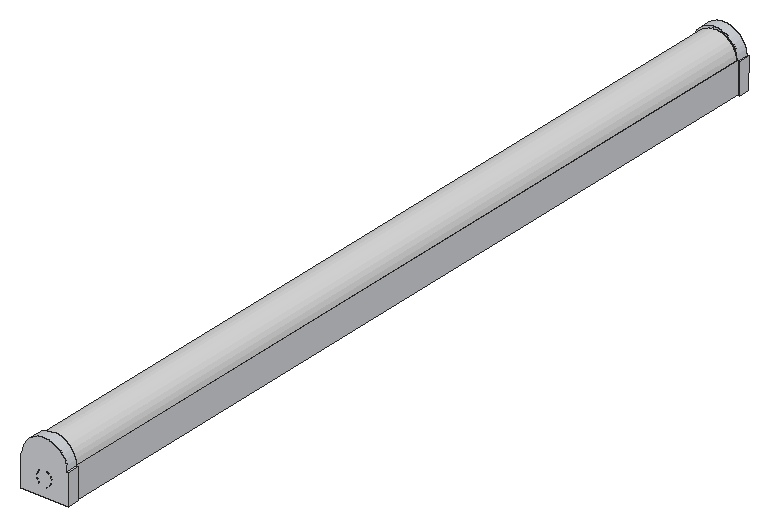
Revit family "0048929", category Lighting Fixtures, host Face, Revit 2017
Family settings
  Host = Face
  Round Connector Dimension = Use Diameter
  Part Type = Normal
  OmniClass Number = 23.80.70.00
  OmniClass Title = Lighting
  Cut with Voids When Loaded = No
  Light Source = Yes
  Shared = No
  Room Calculation Point = No
Parameters (values of type "0048929 WAYLINE 1200 5700LM 840 EM")
  Weight = "10.92 kg"
  Wattage Comments = ""
  Wattage = 44 W
  WarrantyStartDate [instance] = "n/a"
  WarrantyGuarantorParts = "n/a"
  WarrantyDurationUnit = "n/a"
  WarrantyDurationParts = "n/a"
  WarrantyDescription = "n/a"
  WIDTH/2_SYL = 35 mm
  built-in parameter 1150110 = 1 (stored number, unit not read)
  Voltage = 0 V
  URL = "http://www.sylvania-lighting.com"
  TypeName = "Wayline 1200 5700lm 840 EM"
  Type Image = <None>
  Type Comments = "n/a"
  built-in parameter 1114217 = 1 (stored number, unit not read)
  Tilt Angle = -90.00°
  built-in parameter 1150109 = 1 (stored number, unit not read)
  built-in parameter 1150134 = 12
  built-in parameter 1150113 = 1 (stored number, unit not read)
  SerialNumber [instance] = "n/a"
  R_HEIGHT_SYL = 44 mm
  Photometric Web File = "0048929.ies"
  Material_3_SYL = none
  PowerFactor = 0.9
  PowerConsumption = "44 W"
  NominalLength = 1220 mm
  NominalHeight = 76.5 mm
  NominalDepth = 70 mm
  Name = "Wayline 1200 5700lm 840 EM"
  ModelReference = Name  # "Wayline 1200 5700lm 840 EM"
  ModelNumber = "48929"
  Model = Name  # "Wayline 1200 5700lm 840 EM"
  Material = "steel housing, pc polycarbonate diffuser"
  ManufacturerName = "Feilo Sylvania"
  Manufacturer = "Feilo Sylvania"
  LuminousEfficacy = "130 lm/W"
  built-in parameter 1150105 = -8451586 (stored number, unit not read)
  Lumens = 5720 lm
  LuminaireType = ""
  built-in parameter 1150115 = 1 (stored number, unit not read)
  LightOutputRatio = "n/a"
  built-in parameter 1150137 = (empty or 0)
  built-in parameter 1150139 = (empty or 0)
  LampsType = Lamp  # "LED"
  LampNominalLuminous = "5700 lm"
  LampMacAdamStep = "5"
  LampColourTemperature = "4000 K"
  LampColourRenderingIndex = "80"
  built-in parameter 1150112 = 1 (stored number, unit not read)
  built-in parameter 1150114 = 1 (stored number, unit not read)
  Lamp = "LED"
  LUM_R_SYL = 30 mm
  Keynote = "16500"
  InstallationDate [instance] = "n/a"
  InputVoltage = "n/a"
  InputNominalFrequency = "n/a"
  built-in parameter 1150132 = (empty or 0)
  built-in parameter 1150102 = (empty or 0)
  built-in parameter 1150107 = 4000 (stored number, unit not read)
  built-in parameter 1150138 = (empty or 0)
  IngressProtection = "IP20"
  ImpactProtectionIndex = "IK08"
  built-in parameter 1150106 = -84515.9 (stored number, unit not read)
  IfcExportType = "IfcLightFixtureType"
  IfcExportAs = "IfcLightFixtureType"
  HOLE_HEIGHT_SYL = 24 mm
  HEIGHT_SYL = 76.5 mm
  GAP_SYL = 2.5 mm
  Emit from Circle Diameter = 609.6 mm
  Emit Shape Visible in Rendering = no
  ElectricShockClassification = "Class I"
  built-in parameter 1150104 = 12.077 (stored number, unit not read)
  DocumentationLiterature = "http://www.sylvania-lighting.com/product/en-int/products/0048929"
  DimmingControlOptions = "n/a"
  Material_2_SYL = none
  Dimming Lamp Color Temperature Shift = <None>
  Description = "LED batten, T8 replacement, ease of installation through 2 part push-in design of the housing (safety cable included), through wiring capability, steel housing, 5700lm, 44W, 130lm/W, 4000K, CRI80, 3 step MacAdam ellipse, symmetric wide beam angle, Class I, 90000 hrs L80B20 lifespan, non-dimmable driver, 3-hour maintained emergency batteries, IK08, IP20, 1220 x  70 x 76.5mm  (L x W x H) dimensions, 1.82kg."
  Default Elevation = 1219.2 mm
  CreatedOn = "5/25/2021"
  CreatedBy = "@sylvania-lighting.com"
  Cost = 0
  Color Filter = 16777215
  built-in parameter 1114216 [instance] = (empty or 0)
  ClassificationValue = "EF_70_80"
  ClassificationName = "Uniclass2015"
  Material_1_SYL = Dynamo
  BarCode [instance] = "n/a"
  built-in parameter 1114218 = 1 (stored number, unit not read)
  built-in parameter 1150133 = 10 (stored number, unit not read)
  AssetType = "Fixed"
  AssetIdentifier [instance] = "n/a"
  Assembly Code = "D5020200"
  Apparent Load = 44 VA
  Material_4_SYL = none
Types (8, lengths in mm): name | Weight | Wattage | TypeName | Photometric Web File | PowerConsumption | Name | ModelReference | ModelNumber | Model | LuminousEfficacy | built-in parameter 1150105 | Lumens | LampNominalLuminous | built-in parameter 1150106 | built-in parameter 1150104 | DocumentationLiterature | Description | Apparent Load
  0048940 WAYLINE 1200 MWCOR 3100LM 840 | "10.38 kg" | 24 W | "Wayline 1200 MWCOR 3100lm 840" | "0048940.ies" | "24 W" | "Wayline 1200 MWCOR 3100lm 840" | "Wayline 1200 MWCOR 3100lm 840" | "48940" | "Wayline 1200 MWCOR 3100lm 840" | "129 lm/W" | -2487883.7 (stored number, unit not read) | 3096 lm | "3100 lm" | -24878.8 (stored number, unit not read) | 11.984 (stored number, unit not read) | "http://www.sylvania-lighting.com/product/en-int/products/0048940" | "LED batten, T8 replacement, ease of installation through 2 part push-in design of the housing (safety cable included), through wiring capability, steel housing, 3100lm, 24W, 129lm/W, 4000K, CRI80, 3 step MacAdam ellipse, symmetric wide beam angle, Class I, 90000 hrs L80B20 lifespan, non-dimmable driver, corridor function with microwave presence sensor, IK08, IP20, 1220 x 70 x 76.5mm  (L x W x H) dimensions, 1.73kg." | 24 VA
  0048933 WAYLINE 1200 MW 5700LM 840 | "8.82 kg" | 41 W | "Wayline 1200 MW 5700lm 840" | "0048933.ies" | "41 W" | "Wayline 1200 MW 5700lm 840" | "Wayline 1200 MW 5700lm 840" | "48933" | "Wayline 1200 MW 5700lm 840" | "139 lm/W" | -8420557.4 (stored number, unit not read) | 5699 lm | "5700 lm" | -84205.6 (stored number, unit not read) | 12.914 (stored number, unit not read) | "http://www.sylvania-lighting.com/product/en-int/products/0048933" | "LED batten, T8 replacement, ease of installation through 2 part push-in design of the housing (safety cable included), through wiring capability, steel housing, 5700lm, 41W, 139lm/W, 4000K, CRI80, 3 step MacAdam ellipse, symmetric wide beam angle, Class I, 90000 hrs L80B20 lifespan, non-dimmable driver, MW sensor for 360° detection up to 8m range at 6m mounting height, IK08, IP20, 1220 x 70 x 76.5mm (LxWxD) dimensions, 1.47kg weight." | 41 VA
  0048932 WAYLINE 1200 MW 3200LM 840 | "8.64 kg" | 24 W | "Wayline 1200 MW 3200lm 840" | "0048932.ies" | "24 W" | "Wayline 1200 MW 3200lm 840" | "Wayline 1200 MW 3200lm 840" | "48932" | "Wayline 1200 MW 3200lm 840" | "133 lm/W" | -2647764 (stored number, unit not read) | 3192 lm | "3200 lm" | -26477.6 (stored number, unit not read) | 12.356 (stored number, unit not read) | "http://www.sylvania-lighting.com/product/en-int/products/0048932" | "LED batten, T8 replacement, ease of installation through 2 part push-in design of the housing (safety cable included), through wiring capability, steel housing, 3200lm, 24W, 133lm/W, 4000K, CRI80, 3 step MacAdam ellipse, symmetric wide beam angle, Class I, 90000 hrs L80B20 lifespan, non-dimmable driver, MW sensor for 360° detection up to 8m range at 6m mounting height, IK08, IP20, 1220 x 70 x 76.5mm (LxWxD) dimensions, 1.44kg weight." | 24 VA
  0048929 WAYLINE 1200 5700LM 840 EM | "10.92 kg" | 44 W | "Wayline 1200 5700lm 840 EM" | "0048929.ies" | "44 W" | "Wayline 1200 5700lm 840 EM" | "Wayline 1200 5700lm 840 EM" | "48929" | "Wayline 1200 5700lm 840 EM" | "130 lm/W" | -8451586 (stored number, unit not read) | 5720 lm | "5700 lm" | -84515.9 (stored number, unit not read) | 12.077 (stored number, unit not read) | "http://www.sylvania-lighting.com/product/en-int/products/0048929" | "LED batten, T8 replacement, ease of installation through 2 part push-in design of the housing (safety cable included), through wiring capability, steel housing, 5700lm, 44W, 130lm/W, 4000K, CRI80, 3 step MacAdam ellipse, symmetric wide beam angle, Class I, 90000 hrs L80B20 lifespan, non-dimmable driver, 3-hour maintained emergency batteries, IK08, IP20, 1220 x  70 x 76.5mm  (L x W x H) dimensions, 1.82kg." | 44 VA
  0048928 WAYLINE 1200 3200LM 840 EM | "10.68 kg" | 26 W | "Wayline 1200 3200lm 840 EM" | "0048928.ies" | "26 W" | "Wayline 1200 3200lm 840 EM" | "Wayline 1200 3200lm 840 EM" | "48928" | "Wayline 1200 3200lm 840 EM" | "123 lm/W" | -2652741 (stored number, unit not read) | 3198 lm | "3200 lm" | -26527.4 (stored number, unit not read) | 11.427 (stored number, unit not read) | "http://www.sylvania-lighting.com/product/en-int/products/0048928" | "LED batten, T8 replacement, ease of installation through 2 part push-in design of the housing (safety cable included), through wiring capability, steel housing, 3200lm, 26W, 123lm/W, 4000K, CRI80, 3 step MacAdam ellipse, symmetric wide beam angle, Class I, 90000 hrs L80B20 lifespan, non-dimmable driver, 3-hour maintained emergency batteries, IK08, IP20, 1220 x 70 x 76.5mm  (L x W x H) dimensions, 1.78kg." | 26 VA
  0048925 WAYLINE 1200 DALI 5500LM 840 | "10.02 kg" | 40 W | "Wayline 1200 DALI 5500lm 840" | "0048925.ies" | "40 W" | "Wayline 1200 DALI 5500lm 840" | "Wayline 1200 DALI 5500lm 840" | "48925" | "Wayline 1200 DALI 5500lm 840" | "138 lm/W" | -7869864 (stored number, unit not read) | 5520 lm | "5500 lm" | -78698.6 (stored number, unit not read) | 12.821 (stored number, unit not read) | "http://www.sylvania-lighting.com/product/en-int/products/0048925" | "LED batten, T8 replacement, ease of installation through 2 part push-in design of the housing (safety cable included), through wiring capability, steel housing, 5500lm, 40W, 138lm/W, 4000K, CRI80, 3 step MacAdam ellipse, symmetric wide beam angle, Class I, 90000 hrs L80B20 lifespan, DALI dimmable driver, IK08, IP20, 1220 x 70 x 76.5mm (LxWxD) dimensions, 1.67kg weight." | 40 VA
  0048924 WAYLINE 1200 DALI 3100LM 840 | "9.96 kg" | 23 W | "Wayline 1200 DALI 3100lm 840" | "0048924.ies" | "23 W" | "Wayline 1200 DALI 3100lm 840" | "Wayline 1200 DALI 3100lm 840" | "48924" | "Wayline 1200 DALI 3100lm 840" | "135 lm/W" | -2495115.9 (stored number, unit not read) | 3105 lm | "3100 lm" | -24951.2 (stored number, unit not read) | 12.542 (stored number, unit not read) | "http://www.sylvania-lighting.com/product/en-int/products/0048924" | "LED batten, T8 replacement, ease of installation through 2 part push-in design of the housing (safety cable included), through wiring capability, steel housing, 3100lm, 23W, 135lm/W, 4000K, CRI80, 3 step MacAdam ellipse, symmetric wide beam angle, Class I, 90000 hrs L80B20 lifespan, DALI dimmable driver, IK08, IP20, 1220 x 70 x 76.5mm (LxWxD) dimensions, 1.66kg weight." | 23 VA
  0048953 WAYLINE 1200 MWCOR 5500LM 840 | "10.44 kg" | 41 W | "Wayline 1200 MWCOR 5500lm 840" | "0048953.ies" | "41 W" | "Wayline 1200 MWCOR 5500lm 840" | "Wayline 1200 MWCOR 5500lm 840" | "48953" | "Wayline 1200 MWCOR 5500lm 840" | "134 lm/W" | -7832795.8 (stored number, unit not read) | 5494 lm | "5500 lm" | -78328 (stored number, unit not read) | 12.449 (stored number, unit not read) | "http://www.sylvania-lighting.com/product/en-int/products/0048953" | "LED batten, T8 replacement, ease of installation through 2 part push-in design of the housing (safety cable included), through wiring capability, steel housing, 5500lm, 41W, 134lm/W, 4000K, CRI80, 3 step MacAdam ellipse, symmetric wide beam angle, Class I, 90000 hrs L80B20 lifespan, non-dimmable driver, corridor function with microwave presence sensor, IK08, IP20, 1220 x 70 x 76.5mm  (L x W x H) dimensions, 1.74kg." | 41 VA
Reference planes
  plane 1 "Center (Front/Back)": y = 0
  plane 2: z = 0
  plane 3 "Center (Left/Right)": x = 0
  plane 4: z = 76.5
  plane 5: x = -35
  plane 6: x = 35
  plane 7: z = 44
  plane 8: x = -32.5
  plane 9: x = 32.5
  plane 10: z = 24
  plane 11: x = 2.5
  plane 12: x = -2.5
  plane 13: z = 26.5
  plane 14: z = 21.5
  plane 15: z = 74
Forms (mm)
  Extrusion 1, solid
    sketch origin (0, 0, 0) x (1, 0, 0) y (0, 0, 1)
      loop
        arc (32.5, 44) -> (0, 76.5) -> (-32.5, 44) r 32.5
        line (-32.5, 44) -> (-35, 44) -> (-35, 0) -> (35, 0) -> (35, 44) -> (32.5, 44)
      loop
        line (2.5, 34.712) -> (2.5, 33.682)
        arc (2.5, 33.682) -> (7.071, 31.071) -> (9.682, 26.5) r 10
        line (9.682, 26.5) -> (10.712, 26.5)
        arc (10.712, 26.5) -> (7.778, 31.778) -> (2.5, 34.712) r 11
      loop
        line (-2.5, 33.682) -> (-2.5, 34.712)
        arc (-2.5, 34.712) -> (-7.778, 31.778) -> (-10.712, 26.5) r 11
        line (-10.712, 26.5) -> (-9.682, 26.5)
        arc (-9.682, 26.5) -> (-7.071, 31.071) -> (-2.5, 33.682) r 10
      loop
        line (-9.682, 21.5) -> (-10.712, 21.5)
        arc (-10.712, 21.5) -> (-7.778, 16.222) -> (-2.5, 13.288) r 11
        line (-2.5, 13.288) -> (-2.5, 14.318)
        arc (-2.5, 14.318) -> (-7.071, 16.929) -> (-9.682, 21.5) r 10
      loop
        line (2.5, 14.318) -> (2.5, 13.288)
        arc (2.5, 13.288) -> (7.778, 16.222) -> (10.712, 21.5) r 11
        line (10.712, 21.5) -> (9.682, 21.5)
        arc (9.682, 21.5) -> (7.071, 16.929) -> (2.5, 14.318) r 10
    from 594 to 610
  Extrusion 2, solid, material "Dynamo" <- "Material_1_SYL"
    sketch origin (0, 0, 0) x (1, 0, 0) y (0, 0, 1)
      loop
        line (-30, 44) -> (30, 44)
        arc (30, 44) -> (0, 74) -> (-30, 44) r 30
    from -594 to 594
  Extrusion 3, solid
    sketch origin (0, 0, 0) x (1, 0, 0) y (0, 0, 1)
      loop
        line (-32.5, 44) -> (-32.5, 0) -> (32.5, 0) -> (32.5, 44) -> (-32.5, 44)
    from -594 to 594
  Extrusion 4, solid
    sketch origin (0, 0, 0) x (1, 0, 0) y (0, 0, -1)
      loop
        line (32.5, -44) -> (35, -44) -> (35, 0) -> (-35, 0) -> (-35, -44) -> (-32.5, -44)
        arc (-32.5, -44) -> (0, -76.5) -> (32.5, -44) r 32.5
      loop
        arc (2.5, -34.712) -> (7.778, -31.778) -> (10.712, -26.5) r 11
        line (10.712, -26.5) -> (9.682, -26.5)
        arc (9.682, -26.5) -> (7.071, -31.071) -> (2.5, -33.682) r 10
        line (2.5, -33.682) -> (2.5, -34.712)
      loop
        arc (-2.5, -33.682) -> (-7.071, -31.071) -> (-9.682, -26.5) r 10
        line (-9.682, -26.5) -> (-10.712, -26.5)
        arc (-10.712, -26.5) -> (-7.778, -31.778) -> (-2.5, -34.712) r 11
        line (-2.5, -34.712) -> (-2.5, -33.682)
      loop
        arc (-9.682, -21.5) -> (-7.071, -16.929) -> (-2.5, -14.318) r 10
        line (-2.5, -14.318) -> (-2.5, -13.288)
        arc (-2.5, -13.288) -> (-7.778, -16.222) -> (-10.712, -21.5) r 11
        line (-10.712, -21.5) -> (-9.682, -21.5)
      loop
        arc (2.5, -14.318) -> (7.071, -16.929) -> (9.682, -21.5) r 10
        line (9.682, -21.5) -> (10.712, -21.5)
        arc (10.712, -21.5) -> (7.778, -16.222) -> (2.5, -13.288) r 11
        line (2.5, -13.288) -> (2.5, -14.318)
    from 594 to 610
Dimensions and locks
  "HEIGHT_SYL": plane 4 to host face
  "WIDTH/2_SYL": plane 6 to plane 3 "Center (Left/Right)" to plane 5
  "R_HEIGHT_SYL": plane 7 to host face
  "GAP_SYL": plane 8 to plane 5
  "GAP_SYL": plane 6 to plane 9
  "HOLE_HEIGHT_SYL": plane 10 to host face
  "GAP_SYL": plane 13 to plane 10 to plane 14
  "GAP_SYL": plane 11 to plane 3 "Center (Left/Right)" to plane 12
  "LUM_R_SYL": plane 15 to plane 7
  aligned and locked: plane 2 to host face
  aligned and locked: level to host face
Automatic sketch dimensions
  host sketch curve to host sketch curve = 2438.4 mm  (x2)
  Extrusion 1 sketch curve to Extrusion 1 sketch curve = 0 mm  (x58)
  Extrusion 1 sketch curve to level = 0 mm
  Extrusion 1 sketch curve to plane 5 = 0 mm
  Extrusion 1 sketch curve to plane 7 = 0 mm
  Extrusion 1 sketch curve to plane 8 = 0 mm
  Extrusion 1 sketch curve to plane 13 = 0 mm  (x2)
  Extrusion 1 sketch curve to plane 14 = 0 mm  (x2)
  Extrusion 1 sketch curve to plane 12 = 0 mm  (x2)
  Extrusion 1 sketch curve to plane 3 "Center (Left/Right)" = 0 mm  (x2)
  Extrusion 1 sketch curve to plane 11 = 0 mm  (x2)
  Extrusion 1 sketch curve to plane 6 = 0 mm
  Extrusion 1 sketch curve to plane 10 = 0 mm
  Extrusion 1 sketch curve to plane 12 = 8.212 mm
  Extrusion 1 sketch curve to Extrusion 1 sketch curve = 1.03 mm  (x4)
  plane 11 to Extrusion 1 sketch curve = 7.182 mm
  Extrusion 2 sketch curve to plane 7 = 0 mm
  Extrusion 2 sketch curve to plane 3 "Center (Left/Right)" = 0 mm
  plane 8 to Extrusion 2 sketch curve = 2.5 mm
  Extrusion 3 sketch curve to level = 0 mm
  Extrusion 3 sketch curve to plane 8 = 0 mm
  Extrusion 3 sketch curve to plane 9 = 0 mm
  Extrusion 3 sketch curve to plane 7 = 0 mm
  Extrusion 4 sketch curve to Extrusion 4 sketch curve = 0 mm  (x58)
  Extrusion 4 sketch curve to level = 0 mm
  Extrusion 4 sketch curve to plane 5 = 0 mm
  Extrusion 4 sketch curve to plane 7 = 0 mm
  Extrusion 4 sketch curve to plane 8 = 0 mm
  Extrusion 4 sketch curve to plane 13 = 0 mm  (x2)
  Extrusion 4 sketch curve to plane 14 = 0 mm  (x2)
  Extrusion 4 sketch curve to plane 12 = 0 mm  (x2)
  Extrusion 4 sketch curve to plane 3 "Center (Left/Right)" = 0 mm  (x2)
  Extrusion 4 sketch curve to plane 11 = 0 mm  (x2)
  Extrusion 4 sketch curve to plane 6 = 0 mm
  Extrusion 4 sketch curve to plane 10 = 0 mm
  Extrusion 4 sketch curve to plane 12 = 8.212 mm
  Extrusion 4 sketch curve to Extrusion 4 sketch curve = 1.03 mm  (x4)
  plane 11 to Extrusion 4 sketch curve = 7.182 mm
Connectors
  electrical at (0, -610, 29.333)
    settings: on Extrusion 1, index 1, voltage 0 V, apparent load 0 VA, apparent load phase1 0 VA, apparent load phase2 0 VA, apparent load phase3 0 VA, power factor 1, load classification "Other", number of poles 1, system type 31, power factor state 1, is connector primary yes, connector utility no, sub classification motor no, connector description ""
